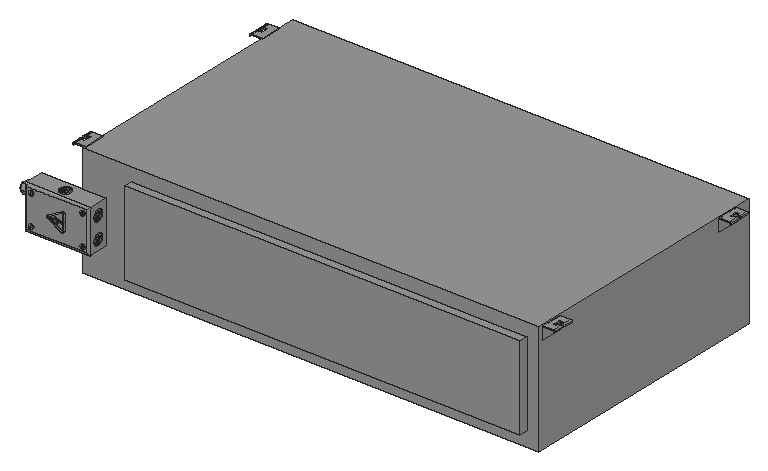
Revit family "Internal block_71_150_DM_1R1A", category Оборудование, Revit 2021
Family settings
  Размер круглого соединителя = Использовать диаметр
  Классификация = Нет
  Тип детали = Нормальный
  На основе рабочей плоскости = Нет
  Всегда вертикально = Да
  При загрузке вырезать с полостями = Нет
  Общий = Нет
  Точка принадлежности помещению = Нет
Parameters (values of type "BLHV-80-I-DM-AC/1R1A")
  ertre = 50 mm
  dr = 9.5 mm
  dg = 15.9 mm
  dd = 10 mm
  Width = 528 mm
  Weight = 33.00 kg
  Pressure_Static_Air [instance] = 0.0 Pa
  Power = 300 W
  Maximum Air Flow = 0.0 L/s
  Load Classification = "HVAC"
  Length = 1150 mm
  I = 207 mm
  Height = 870 mm
  Отметка по умолчанию = 0 mm
  Изготовитель = "BLAUBERG"  # constant formula
  URL = ""
  Maintenance zone material = none
  H = 920 mm
  Grid Material = Mesh, steel, painted,  white
  G = 197 mm
  F = 920 mm
  E = 515 mm
  Db = D - 36 mm  # 1064 mm
  D = 1100 mm
  Casing Material = Steel, galvanized
  C = 260 mm  # constant formula
  Bb = B - 20 mm - 50 mm  # 610 mm
  B = 680 mm
  Air Flow [instance] = 0.0 L/s
  A = 1209 mm
  09_System_Name [instance] = ""
  00_20_Type = "BLHV-80-I-DM-AC/1R1A"
  00_20_Name = "Internal block"  # constant formula
  00_20_Manufacturer = "BLAUBERG"  # constant formula
Types (7, lengths in mm): name | Weight | Power | H | F | Db | D | A | 00_20_Type
  (no name) | 33.00 kg | 300 W | 920 | 920 | 1064 | 1100 | 1209 | "BLHV-80-I-DM-AC/1R1A"
  BLHV-71-I-DM-AC/1R1A | 33.00 kg | 300 W | 920 | 920 | 1064 | 1100 | 1209 | "BLHV-71-I-DM-AC/1R1A"
  BLHV-80-I-DM-AC/1R1A | 33.00 kg | 300 W | 920 | 920 | 1064 | 1100 | 1209 | "BLHV-80-I-DM-AC/1R1A"
  BLHV-90-I-DM-AC/1R1A | 46.00 kg | 340 W | 1156 | 1156 | 1301 | 1337 | 1445 | "BLHV-90-I-DM-AC/1R1A"
  BLHV-100-I-DM-AC/1R1A | 46.00 kg | 340 W | 1156 | 1156 | 1301 | 1337 | 1445 | "BLHV-100-I-DM-AC/1R1A"
  BLHV-120-I-DM-AC/1R1A | 46.00 kg | 340 W | 1156 | 1156 | 1301 | 1337 | 1445 | "BLHV-120-I-DM-AC/1R1A"
  BLHV-150-I-DM-AC/1R1A | 46.00 kg | 340 W | 1156 | 1156 | 1301 | 1337 | 1445 | "BLHV-150-I-DM-AC/1R1A"
Reference planes
  plane 1 "По центру (Вперед/Назад)": y = 0
  plane 2: z = 0
  plane 3 "По центру (Влево/Вправо)": x = 0
  plane 4: y = 257.5
  plane 5: y = -257.5
  plane 6: y = 340
  plane 7: y = -340
  plane 8: x = -532
  plane 9: x = 532
  plane 10: z = 260
  plane 11: x = 562
  plane 12: x = -647
Forms (mm)
  Extrusion 1, solid, material "Steel, galvanized" <- "Casing Material"
    sketch origin (-5.978, 22.034, 0) x (1, 0, 0) y (0, 1, 0)
      loop
        line (-526.022, 297.966) -> (-526.022, -312.034) -> (537.978, -312.034) -> (537.978, 297.966) -> (-526.022, 297.966)
    from 0 to 260 <- "C"
  Extrusion 2, solid, material "Steel, galvanized" <- "Casing Material"
    sketch origin (0, 0, 0) x (1, 0, 0) y (0, 0, 1)
      loop
        line (502, 230) -> (-418, 230) -> (-418, 33) -> (502, 33) -> (502, 230)
    from 290 to 310
  Extrusion 3, solid, material "Steel, galvanized" <- "Casing Material"
    sketch origin (0, 0, 0) x (1, 0, 0) y (0, 0, 1)
      loop
        line (502, 230) -> (-418, 230) -> (-418, 23) -> (502, 23) -> (502, 230)
    from -340 to -320
  Extrusion 4, solid, material "Steel, galvanized" <- "Casing Material"
    sketch origin (0, 0, 0) x (0, 1, 0) y (0, 0, 1)
      loop
        circle (-107.5, 100) r 7.95
      loop
        circle (-207.5, 100) r 4.75
      loop
        circle (-157.5, 30) r 5
    from -582 to -532
  Extrusion 5, solid, material "Steel, galvanized" <- "Casing Material"
    sketch origin (0, 0, 0) x (0, 1, 0) y (0, 0, 1)
      loop
        line (290, 210) -> (90, 210) -> (90, 50.311) -> (290, 50.311) -> (290, 210)
    from -582 to -532
Dimensions and locks
  "Db": Extrusion 1 sketch curve to Extrusion 1 sketch curve
  "Bb": Extrusion 1 sketch curve to Extrusion 1 sketch curve
  equal spacing: plane 4, plane 1 "По центру (Вперед/Назад)", plane 5
  "E": plane 4 to plane 5
  equal spacing: Extrusion 1 sketch curve, plane 3 "По центру (Влево/Вправо)", Extrusion 1 sketch curve
  equal spacing: plane 6, plane 1 "По центру (Вперед/Назад)", plane 7
  "B": plane 6 to plane 7
  locked: Extrusion 1 sketch curve to plane 7 at 50
  equal spacing: plane 8, plane 3 "По центру (Влево/Вправо)", plane 9
  "Db": plane 8 to plane 9
  "C": plane 10 to level
  locked: plane 9 to plane 11 at 30
  "A": plane 12 to plane 11
  locked: plane 9 to Extrusion 2 sketch curve at 30
  "F": Extrusion 2 sketch curve to Extrusion 2 sketch curve
  locked: plane 10 to Extrusion 2 sketch curve at 30
  "G": Extrusion 2 sketch curve to Extrusion 2 sketch curve
  locked: plane 9 to Extrusion 3 sketch curve at 30
  "H": Extrusion 3 sketch curve to Extrusion 3 sketch curve
  locked: plane 10 to Extrusion 3 sketch curve at 30
  "I": Extrusion 3 sketch curve to Extrusion 3 sketch curve
  locked: plane 6 to Extrusion 3 at 20
  locked: Extrusion 2 to plane 7 at 50
  locked: Extrusion 2 to plane 7 at 30
  locked: Extrusion 4 sketch curve to level at 100  (x2)
  locked: Extrusion 4 sketch curve to plane 5 at 50
  locked: Extrusion 4 sketch curve to plane 5 at 150
  locked: Extrusion 4 to plane 8 at 50
  locked: plane 6 to Extrusion 5 sketch curve at 50
  locked: Extrusion 5 sketch curve to Extrusion 5 sketch curve at 200
  locked: plane 10 to Extrusion 5 sketch curve at 50
  locked: Extrusion 5 sketch curve to Extrusion 5 sketch curve at 159.689
  locked: Extrusion 5 to plane 8 at 50
  locked: Extrusion 4 sketch curve to level at 30
  locked: plane 5 to Extrusion 4 sketch curve at 100
  "dg": diameter of Extrusion 4 sketch curve
  "dr": diameter of Extrusion 4 sketch curve
  "dd": diameter of Extrusion 4 sketch curve
  aligned and locked: level to plane 2
  aligned and locked: plane 8 to nested 4
  aligned and locked: plane 8 to nested 3
  aligned and locked: plane 9 to nested 1
  aligned and locked: plane 9 to nested 2
  aligned and locked: plane 4 to nested 4
  aligned and locked: nested 2 to plane 4
  aligned and locked: nested 1 to plane 5
  aligned and locked: plane 5 to nested 3
  aligned and locked: plane 10 to nested 2
  aligned and locked: nested 4 to plane 10
  aligned and locked: plane 10 to nested 1
  aligned and locked: nested 3 to plane 10
  aligned and locked: nested 5 to plane 12
  aligned and locked: plane 6 to Extrusion 3
  aligned and locked: plane 8 to Extrusion 4
  aligned and locked: plane 8 to Extrusion 5
Nested families
  nested 1: "Fastening" at (532, -257.5, 260), type "Fastening"
  nested 2: "Fastening" at (532, 257.5, 260), type "Fastening"
  nested 3: "Fastening" at (-532, -257.5, 260) x (-1, 0, 0) z (0, 0, 1), type "Fastening"
  nested 4: "Fastening" at (-532, 257.5, 260) x (-1, 0, 0) z (0, 0, 1), type "Fastening"
  nested 5: "Electrical box" at (-553.25, -290, 125) x (0, 0, 1) z (0, -1, 0), type "150x100"
Connectors
  hvac at (42, -310, 131.5), driven by "G", driven by "F"
    settings: on Extrusion 2, index 1, duct flow 0.0 L/s, flow factor 0, pres drop 0.0 Pa, loss coef 0, conn angle 0.00°, conn width 920 mm, conn height 197 mm, conn diameter 609.6 mm, duct sys type 29, conn prof type 1, flow config 0, flow direction 2, loss method 0, conn ref index -1, conn util no, is conn primary yes, conn desc ""
  hvac at (42, 340, 126.5), driven by "I", driven by "H"
    settings: on Extrusion 3, index 2, duct flow 0.0 L/s, flow factor 0, pres drop 0.0 Pa, loss coef 0, conn angle 0.00°, conn width 920 mm, conn height 207 mm, conn diameter 609.6 mm, duct sys type 29, conn prof type 1, flow config 0, flow direction 1, loss method 0, conn ref index -1, conn util no, is conn primary no, conn desc ""
  piping at (-582, -107.5, 100), diameter 15.9, driven by "dg"
    settings: on Extrusion 4, index 3, connector inside diameter 609.6 mm, connector length 0 mm, flow factor 0, pipe flow 0.0 L/s, pressure drop 0.0 Pa, fitting loss kfactor 0, connector angle 0.00°, fixture units 0, engagement length 0 mm, angle of deflection 0.00°, flow configuration 0, flow direction 0, fitting loss method 0, system type 29, joint type 0, gender type 0, connector reference index -1, connector utility 0, adjustable connector no, is connector primary yes, connector description ""
  piping at (-582, -207.5, 100), diameter 9.5, driven by "dr"
    settings: on Extrusion 4, index 4, connector inside diameter 609.6 mm, connector length 0 mm, flow factor 0, pipe flow 0.0 L/s, pressure drop 0.0 Pa, fitting loss kfactor 0, connector angle 0.00°, fixture units 0, engagement length 0 mm, angle of deflection 0.00°, flow configuration 0, flow direction 0, fitting loss method 0, system type 29, joint type 0, gender type 0, connector reference index -1, connector utility 0, adjustable connector no, is connector primary no, connector description ""
  piping at (-582, -157.5, 30), diameter 10, driven by "dd"
    settings: on Extrusion 4, index 5, connector inside diameter 609.6 mm, connector length 0 mm, flow factor 0, pipe flow 0.0 L/s, pressure drop 0.0 Pa, fitting loss kfactor 0, connector angle 0.00°, fixture units 0, engagement length 0 mm, angle of deflection 0.00°, flow configuration 0, flow direction 2, fitting loss method 0, system type 29, joint type 0, gender type 0, connector reference index -1, connector utility 0, adjustable connector no, is connector primary no, connector description ""
Definition of nested family "Fastening"
  Parameters (values of type "Fastening")
    Default Elevation = 0 mm
    Material = none
  Reference planes
    plane 1 "По центру (Вперед/Назад)": y = 0
    plane 2: z = 0
    plane 3 "По центру (Влево/Вправо)": x = 0
  Forms (mm)
    Extrusion 1, solid, material <- "Material"
      sketch origin (0, 0, 0) x (1, 0, 0) y (0, 0, 1)
        loop
          line (27, 0) -> (0, 0) -> (0, -30) -> (2, -30) -> (2, -2) -> (27, -2)
          arc (27, -2) -> (27.707, -2.293) -> (28, -3) r 1
          line (28, -3) -> (28, -5) -> (30, -5) -> (30, -3)
          arc (30, -3) -> (29.121, -0.879) -> (27, 0) r 3
      from 25 to -25
    Extrusion 2, void
      sketch origin (0, 0, 0) x (1, 0, 0) y (0, 1, 0)
        loop
          line (30, 3.002) -> (24.616, 3.002)
          arc (24.616, 3.002) -> (23.202, 3.588) -> (22.616, 5.002) r 2
          line (22.616, 5.002) -> (22.616, 6.002)
          arc (22.616, 6.002) -> (22.03, 7.416) -> (20.616, 8.002) r 2
          line (20.616, 8.002) -> (16.509, 8.002)
          arc (16.509, 8.002) -> (15.095, 7.416) -> (14.509, 6.002) r 2
          line (14.509, 6.002) -> (14.509, 0) -> (14.509, -6.002)
          arc (14.509, -6.002) -> (15.095, -7.416) -> (16.509, -8.002) r 2
          line (16.509, -8.002) -> (20.616, -8.002)
          arc (20.616, -8.002) -> (22.03, -7.416) -> (22.616, -6.002) r 2
          line (22.616, -6.002) -> (22.616, -5.002)
          arc (22.616, -5.002) -> (23.202, -3.588) -> (24.616, -3.002) r 2
          line (24.616, -3.002) -> (30, -3.002) -> (30, 3.002)
      from -5 to 0
  Cuts and joins
    Extrusion 2 cuts Extrusion 1
  Dimensions and locks
    aligned and locked: level to plane 2
Definition of nested family "Electrical box"
  Parameters (values of type "100x100")
    Ш1 = Ш / 2 - 15 mm  # 60 mm
    Ш = 150 mm
    Default Elevation = 1219.2 mm
    Л = Д / 4  # 25 mm
    Д1 = Д / 2 - 15 mm  # 35 mm
    Д = 100 mm
    h = H / 2  # 25 mm
    Material = none
    H = 50 mm
  Reference planes
    plane 1 "По центру (Вперед/Назад)": y = 0
    plane 2: z = 0
    plane 3 "По центру (Влево/Вправо)": x = 0
  Forms (mm)
    Extrusion 1, solid, material <- "Material"
      sketch origin (0, 0, 0) x (1, 0, 0) y (0, 1, 0)
        loop
          line (-50, 75) -> (-50, -75) -> (50, -75) -> (50, 75) -> (-50, 75)
      from 0 to 50 <- "H"
    Sweep 2, void
      path in 3D
        loop
          line (-50, 75, 50) -> (-50, -75, 50) -> (50, -75, 50) -> (50, 75, 50) -> (-50, 75, 50)
      profile origin (0, 75, 50) x (0, -1, 0) y (0, 0, 1)
        loop
          line (5, 0) -> (0, 0) -> (0, -5)
          arc (0, -5) -> (1.464, -1.464) -> (5, 0) r 5
    Extrusion 3, void
      sketch origin (0, 0, 0) x (0, 1, 0) y (0, 0, 1)
        loop
          circle (0, 25) r 10
      from -50 to -45
    Extrusion 4, void
      sketch origin (0, 0, 0) x (0, 1, 0) y (0, 0, 1)
        loop
          circle (0, 25) r 10
      from 45 to 50
    Extrusion 5, void
      sketch origin (0, 0, 0) x (1, 0, 0) y (0, 0, 1)
        loop
          circle (25, 25) r 10
        loop
          circle (-25, 25) r 10
      from 70 to 75
    Extrusion 6, void
      sketch origin (0, 0, 0) x (1, 0, 0) y (0, 0, 1)
        loop
          circle (25, 25) r 10
        loop
          circle (-25, 25) r 10
      from -75 to -70
  Cuts and joins
    Sweep 2, Extrusion 3, Extrusion 4, Extrusion 5, Extrusion 6 cuts Extrusion 1
  Lines and regions (mm)
    sketch lines
      curve 1: line (50, 75, 50) -> (-50, 75, 50)
      curve 2: line (50, -75, 50) -> (50, 75, 50)
      curve 3: line (-50, -75, 50) -> (50, -75, 50)
      curve 4: line (-50, 75, 50) -> (-50, -75, 50)
  Dimensions and locks
    "Д": Extrusion 1 sketch curve to Extrusion 1 sketch curve
    "Ш": Extrusion 1 sketch curve to Extrusion 1 sketch curve
    equal spacing: Extrusion 1 sketch curve, plane 3 "По центру (Влево/Вправо)", Extrusion 1 sketch curve
    equal spacing: Extrusion 1 sketch curve, plane 1 "По центру (Вперед/Назад)", Extrusion 1 sketch curve
    "Д1": nested 2 to plane 3 "По центру (Влево/Вправо)"
    "Д1": plane 3 "По центру (Влево/Вправо)" to nested 1
    "Д1": nested 4 to plane 3 "По центру (Влево/Вправо)"
    "Д1": plane 3 "По центру (Влево/Вправо)" to nested 3
    "Ш1": nested 3 to plane 1 "По центру (Вперед/Назад)"
    "Ш1": plane 1 "По центру (Вперед/Назад)" to nested 1
    "Ш1": nested 4 to plane 1 "По центру (Вперед/Назад)"
    "Ш1": plane 1 "По центру (Вперед/Назад)" to nested 2
    "h": Extrusion 3 sketch curve to level
    "h": Extrusion 4 sketch curve to level
    "h": level to Extrusion 5 sketch curve  (x2)
    "Л": plane 3 "По центру (Влево/Вправо)" to Extrusion 5 sketch curve
    "Л": Extrusion 5 sketch curve to plane 3 "По центру (Влево/Вправо)"
    "h": level to Extrusion 6 sketch curve  (x2)
    "Л": Extrusion 6 sketch curve to plane 3 "По центру (Влево/Вправо)"
    "Л": plane 3 "По центру (Влево/Вправо)" to Extrusion 6 sketch curve
    "h": level to nested 5
    "h": level to nested 6
    "Л": nested 8 to plane 3 "По центру (Влево/Вправо)"
    "Л": nested 7 to plane 3 "По центру (Влево/Вправо)"
    "Л": plane 3 "По центру (Влево/Вправо)" to nested 9
    "Л": plane 3 "По центру (Влево/Вправо)" to nested 11
    "h": nested 11 to level
    radius of Extrusion 6 sketch curve = 10 mm
    aligned and locked: level to plane 2
    aligned and locked: Extrusion 1 to Extrusion 3
    aligned and locked: Sweep 2 to Extrusion 3
    aligned and locked: Extrusion 1 to Extrusion 4
    aligned and locked: Sweep 2 to Extrusion 4
    aligned and locked: Extrusion 1 to Extrusion 5
    aligned and locked: Sweep 2 to Extrusion 5
    aligned and locked: Extrusion 1 to Extrusion 6
    aligned and locked: Extrusion 6 to Sweep 2
    aligned and locked: plane 1 "По центру (Вперед/Назад)" to nested 5
    aligned and locked: nested 5 to cut or joined group of Extrusion 1, Sweep 2, Extrusion 3, Extrusion 4, Extrusion 5, Extrusion 6
    aligned and locked: nested 6 to plane 1 "По центру (Вперед/Назад)"
    aligned and locked: cut or joined group of Extrusion 1, Sweep 2, Extrusion 3, Extrusion 4, Extrusion 5, Extrusion 6 to nested 6
    aligned and locked: cut or joined group of Extrusion 1, Sweep 2, Extrusion 3, Extrusion 4, Extrusion 5, Extrusion 6 to nested 7
    aligned and locked: nested 8 to cut or joined group of Extrusion 1, Sweep 2, Extrusion 3, Extrusion 4, Extrusion 5, Extrusion 6
    aligned and locked: cut or joined group of Extrusion 1, Sweep 2, Extrusion 3, Extrusion 4, Extrusion 5, Extrusion 6 to nested 9
    aligned and locked: plane 3 "По центру (Влево/Вправо)" to nested 10
  Automatic sketch dimensions
    Sweep 2 sketch curve to profile plane = 0 mm  (x2)
    Sweep 2 sketch curve to profile plane = 5 mm
    Extrusion 3 sketch curve to plane 1 "По центру (Вперед/Назад)" = 0 mm
    Extrusion 4 sketch curve to plane 1 "По центру (Вперед/Назад)" = 0 mm
    radius of Extrusion 3 sketch curve = 10 mm
    radius of Extrusion 4 sketch curve = 10 mm
    radius of Extrusion 5 sketch curve = 10 mm  (x2)
    radius of Extrusion 6 sketch curve = 10 mm
  Nested families
    nested 1: "Винт" at (35, 60, 50), built-in parameter 1001364 <- "H", type "Винт"
    nested 2: "Винт" at (-35, 60, 50), built-in parameter 1001364 <- "H", type "Винт"
    nested 3: "Винт" at (35, -60, 50), built-in parameter 1001364 <- "H", type "Винт"
    nested 4: "Винт" at (-35, -60, 50), built-in parameter 1001364 <- "H", type "Винт"
    nested 5: "Заглушка" at (46, 0, 25) x (0, 0, -1) z (1, 0, 0), built-in parameter 1001360 <- "h", type "Заглушка"
    nested 6: "Заглушка" at (-46, 0, 25) x (0, 0, -1) z (-1, 0, 0), built-in parameter 1001360 <- "h", type "Заглушка"
    nested 7: "Заглушка" at (-25, 71, 25) x (0, 0, -1) z (0, 1, 0), built-in parameter 1001360 <- "h", type "Заглушка"
    nested 8: "Заглушка" at (-25, -71, 25) x (0, 0, -1) z (0, -1, 0), built-in parameter 1001360 <- "h", type "Заглушка"
    nested 9: "Заглушка" at (25, -71, 25) x (0, 0, -1) z (0, -1, 0), built-in parameter 1001360 <- "h", type "Заглушка"
    nested 10: "Электрика" at (0, 3.125, 50), built-in parameter 1001360 <- "H", type "Электрика"
    nested 11: "Штуцер" at (25, 75, 25) x (1, 0, 0) z (0, 1, 0), type "24"
  Definition of nested family "Винт"
    Parameters (values of type "Винт")
      Default Elevation = 0 mm
    Reference planes
      plane 1 "По центру (Вперед/Назад)": y = 0
      plane 2: z = 0
      plane 3 "По центру (Влево/Вправо)": x = 0
    Forms (mm)
      Revolve 1, solid
        sketch origin (0, 0, 0) x (1, 0, 0) y (0, 0, 1)
          loop
            line (0, -20) -> (2.5, -20) -> (2.5, 0) -> (5, 0) -> (5, 0.988)
            arc (5, 0.988) -> (2.589, 1.966) -> (0, 2.235) r 9.254
            line (0, 2.235) -> (0, -20)
          axis (0, 2.235) -> (0, -20)
        angle from 0 to 360
      Extrusion 2, void
        sketch origin (0, -0.137, 0) x (1, 0, 0) y (0, 1, 0)
          loop
            line (-0.439, -5.142) -> (0.455, -5.142) -> (0.455, -0.343) -> (5.265, -0.343) -> (5.265, 0.594) -> (0.455, 0.594) -> (0.455, 5.38) -> (-0.439, 5.38) -> (-0.439, 0.594) -> (-5.291, 0.594) -> (-5.291, -0.343) -> (-0.439, -0.343) -> (-0.439, -5.142)
        from 0.988 to 3.071
    Cuts and joins
      Extrusion 2 cuts Revolve 1
    Dimensions and locks
      aligned and locked: level to plane 2
      aligned and locked: Extrusion 2 to Revolve 1
  Definition of nested family "Заглушка"
    Parameters (values of type "Заглушка")
      Default Elevation = 0 mm
    Reference planes
      plane 1 "По центру (Вперед/Назад)": y = 0
      plane 2: z = 0
      plane 3 "По центру (Влево/Вправо)": x = 0
    Forms (mm)
      Extrusion 1, solid
        sketch origin (0, 0, 0) x (1, 0, 0) y (0, 1, 0)
          loop
            circle (0, 0) r 12
        from 4 to 5
      Extrusion 2, solid
        sketch origin (0, 0, 0) x (1, 0, 0) y (0, 1, 0)
          loop
            circle (0, 0) r 10
        from 5 to 6
      Extrusion 3, solid
        sketch origin (0, 0, 0) x (1, 0, 0) y (0, 1, 0)
          loop
            circle (0, 0) r 8
        from 6 to 7
      Extrusion 4, solid
        sketch origin (0, 0, 0) x (1, 0, 0) y (0, 1, 0)
          loop
            circle (0, 0) r 6
        from 7 to 8
      Extrusion 5, solid
        sketch origin (0, 0, 0) x (1, 0, 0) y (0, 1, 0)
          loop
            circle (0, 0) r 4
        from 8 to 9
      Extrusion 6, solid
        sketch origin (0, 0, 0) x (1, 0, 0) y (0, 1, 0)
          loop
            circle (0, 0) r 2
        from 9 to 10
    Dimensions and locks
      aligned and locked: level to plane 2
  Definition of nested family "Электрика"
    Parameters (values of type "Электрика")
      Default Elevation = 0 mm
    Reference planes
      plane 1 "По центру (Вперед/Назад)": y = 0
      plane 2: z = 0
      plane 3 "По центру (Влево/Вправо)": x = 0
    Forms (mm)
      Extrusion 1, solid
        sketch origin (0, -20.999, 0) x (1, 0, 0) y (0, 1, 0)
          loop
            line (0, 0.664) -> (18.543, 0.664)
            arc (18.543, 0.664) -> (21.349, 1.985) -> (22.119, 4.99) r 3.641
            line (22.119, 4.99) -> (2.806, 38.44)
            arc (2.806, 38.44) -> (0, 39.762) -> (-2.806, 38.44) r 3.641
            line (-2.806, 38.44) -> (-22.119, 4.99)
            arc (-22.119, 4.99) -> (-21.349, 1.985) -> (-18.543, 0.664) r 3.641
            line (-18.543, 0.664) -> (0, 0.664)
          loop
            arc (-20.055, 4.565) -> (-19.717, 3.245) -> (-18.484, 2.664) r 1.6
            line (-18.484, 2.664) -> (18.396, 2.664)
            arc (18.396, 2.664) -> (19.729, 3.379) -> (19.87, 4.885) r 1.6
            line (19.87, 4.885) -> (1.2, 37.223)
            arc (1.2, 37.223) -> (0.104, 37.807) -> (-1.079, 37.432) r 1.6
            line (-1.079, 37.432) -> (-20.055, 4.565)
        from 0 to 1
      Extrusion 2, solid
        sketch origin (0, -20.999, 0) x (1, 0, 0) y (0, 1, 0)
          loop
            line (1.519, 30.846) -> (-2.718, 30.846) -> (-7.387, 14.53) -> (2.226, 19.012) -> (-1.819, 8.947) -> (-2.667, 9.352) -> (-2.823, 5.949) -> (-0.273, 8.208) -> (-1.096, 8.601) -> (5.366, 22.132) -> (-4.385, 17.585) -> (1.519, 30.846)
        from 0 to 1
      Extrusion 3, solid
        sketch origin (0, -20.999, 0) x (1, 0, 0) y (0, 1, 0)
          loop
            line (-1.079, 37.432) -> (-20.055, 4.565)
            arc (-20.055, 4.565) -> (-19.717, 3.245) -> (-18.484, 2.664) r 1.6
            line (-18.484, 2.664) -> (18.396, 2.664)
            arc (18.396, 2.664) -> (19.781, 3.464) -> (19.781, 5.064) r 1.6
            line (19.781, 5.064) -> (1.296, 37.092)
            arc (1.296, 37.092) -> (0.185, 37.798) -> (-1.079, 37.432) r 1.6
        from 0 to 0.9
    Dimensions and locks
      aligned and locked: level to plane 2
  Definition of nested family "Штуцер"
    Parameters (values of type "32")
      Default Elevation = 1219.2 mm
      r1 = r / 1.3333  # 12 mm
      r = 16 mm
      h3 = H / 3.2  # 10 mm
      h1 = H / 1.28  # 25 mm
      h4 = H / 6.4  # 5 mm
      H = 32 mm
      A = 2 * r * tan(30.00°)  # 18.475 mm
    Types (3, lengths in mm): name | r1 | r | h3 | h1 | h4 | H | A
      32 | 12 | 16 | 10 | 25 | 5 | 32 | 18.475
      24 | 9 | 12 | 7.5 | 18.75 | 3.75 | 24 | 13.856
      16 | 6 | 8 | 5 | 12.5 | 2.5 | 16 | 9.238
    Reference planes
      plane 1 "По центру (Вперед/Назад)": y = 0
      plane 2: z = 0
      plane 3 "По центру (Влево/Вправо)": x = 0
    Forms (mm)
      Extrusion 1, solid
        sketch origin (-129.783, 0, -1.583) x (-1, 0, 0) y (0, -1, 0)
          loop
            line (-129.783, -18.475) -> (-113.783, -9.238) -> (-113.783, 9.238) -> (-129.783, 18.475) -> (-145.783, 9.238) -> (-145.783, -9.238) -> (-129.783, -18.475)
        from 1.583 to 6.583
      Extrusion 2, solid
        sketch origin (-129.783, 0, 0) x (-1, 0, 0) y (0, -1, 0)
          loop
            circle (-129.783, 0) r 12
        from 5 to 10
      Extrusion 3, solid
        sketch origin (-129.783, 0, 14.25) x (-1, 0, 0) y (0, -1, 0)
          loop
            line (-129.783, -18.475) -> (-113.783, -9.238) -> (-113.783, 9.238) -> (-129.783, 18.475) -> (-145.783, 9.238) -> (-145.783, -9.238) -> (-129.783, -18.475)
        from -4.25 to 10.75
      Revolve 4, solid
        sketch origin (-129.783, 0, -5.678) x (-1, 0, 0) y (0, 0, -1)
          loop
            line (-117.783, -30.678) -> (-129.783, -30.678) -> (-129.783, -37.678) -> (-118.783, -37.678)
            arc (-118.783, -37.678) -> (-118.076, -37.385) -> (-117.783, -36.678) r 1
            line (-117.783, -36.678) -> (-117.783, -30.678)
          axis (-129.783, -37.678) -> (-129.783, -30.678)
        angle from 0 to 360
    Dimensions and locks
      "A": Extrusion 3 sketch curve to Extrusion 3 sketch curve  (x6)
      equal spacing: Extrusion 3 sketch curve, plane 1 "По центру (Вперед/Назад)", Extrusion 3 sketch curve  (x2)
      "A": Extrusion 3 sketch curve to plane 1 "По центру (Вперед/Назад)" to Extrusion 3 sketch curve
      "A": Extrusion 1 sketch curve to Extrusion 1 sketch curve  (x6)
      "A": Extrusion 1 sketch curve to plane 1 "По центру (Вперед/Назад)" to Extrusion 1 sketch curve
      "r1": plane 3 "По центру (Влево/Вправо)" to Revolve 4 sketch curve
      "H": level to Revolve 4 sketch curve
      "h1": level to Extrusion 3
      "h3": level to Extrusion 3
      "h1": level to Revolve 4 sketch curve
      "h3": level to Extrusion 2
      "h4": level to Extrusion 2
      "h4": level to Extrusion 1
      "r1": radius of Extrusion 2 sketch curve
      aligned and locked: level to plane 2
      aligned and locked: Extrusion 1 to Extrusion 2
      aligned and locked: Extrusion 1 to level
      aligned and locked: Extrusion 3 to Extrusion 2
    Automatic sketch dimensions
      Extrusion 1 sketch curve to plane 3 "По центру (Влево/Вправо)" = 0 mm  (x2)
      plane 1 "По центру (Вперед/Назад)" to Extrusion 2 sketch curve = 0 mm
      Extrusion 2 sketch curve to plane 3 "По центру (Влево/Вправо)" = 0 mm
      Extrusion 3 sketch curve to plane 3 "По центру (Влево/Вправо)" = 0 mm
      Revolve 4 sketch curve to plane 3 "По центру (Влево/Вправо)" = 0 mm  (x2)
      Revolve 4 sketch curve to Revolve 4 sketch curve = 1 mm
      level to Revolve 4 sketch curve = 1.702 mm
      Revolve 4 sketch curve to level = 6.18 mm
